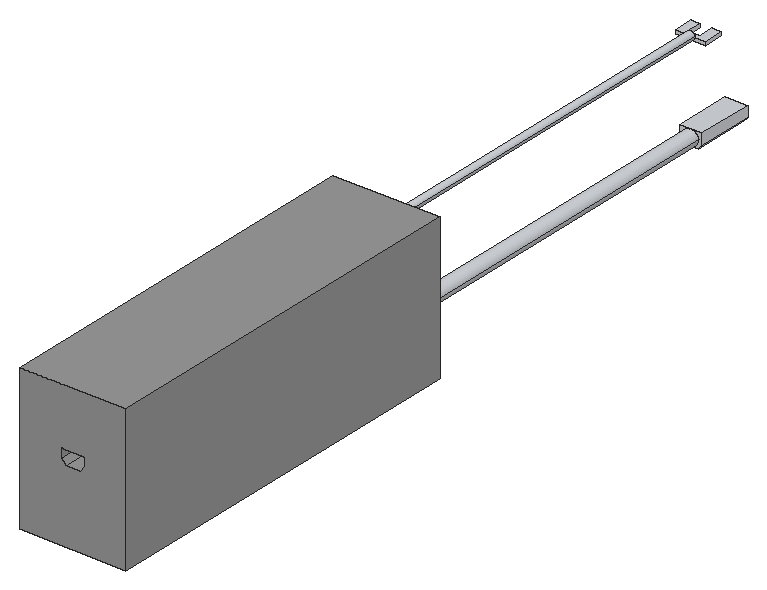
Revit family "Basisschutz für 4-adrige informationstechnische Systeme mit RJ45", category Generic Models, Revit 2015
Parameters (values of type "RJ45 S-E100 4-F")
  Width = 28 mm
  URL = "http://www.obo-bettermann.com"
  Material = Aluminum
  Manufacturer Art.No. = "5081005"
  Manufacturer = "OBO Bettermann"
  Length 1 = 218 mm
  Length = 103 mm
  Height = 38 mm
  GTIN = "4012196415762"
  Article Type = "RJ45 S-E100 4-F"
Types (4, lengths in mm): name | Manufacturer Art.No. | GTIN | Article Type
  (no name) | "5081005" | "4012196415762" | "RJ45 S-E100 4-F"
  RJ45 S-E100 4-B | "5081001" | "4012196415748" | "RJ45 S-E100 4-B"
  RJ45 S-E100 4-C | "5081003" | "4012196415755" | "RJ45 S-E100 4-C"
  RJ45 S-E100 4-F | "5081005" | "4012196415762" | "RJ45 S-E100 4-F"
Reference planes
  plane 1 "Center (Front/Back)": y = 0
  plane 2: z = 0
  plane 3 "Center (Left/Right)": x = 0
  plane 4: y = 103
  plane 5: y = 218
  plane 6: y = 15
  plane 7: y = 203
  plane 8: z = 31
  plane 9: z = 32
Forms (mm)
  Extrusion 1, solid, material "Aluminum" <- "Material"
    sketch origin (0, 0, 0) x (1, 0, 0) y (0, 0, 1)
      loop
        line (-14, 0) -> (14, 0) -> (14, 38) -> (-14, 38) -> (-14, 0)
    from 0 to -103
  Extrusion 2, void
    sketch origin (0, 0, 0) x (1, 0, 0) y (0, 0, 1)
      loop
        line (-3, 23) -> (-3, 20.555) -> (-2, 19) -> (2, 19) -> (3, 20.555) -> (3, 23) -> (-3, 23)
    from -15 to 0
  Extrusion 3, solid
    sketch origin (0, 0, 0) x (1, 0, 0) y (0, 0, 1)
      loop
        circle (0, 8) r 2
    from -203 to -103
  Extrusion 4, solid
    sketch origin (0, 0, 0) x (1, 0, 0) y (0, 0, 1)
      loop
        line (3, 9.998) -> (-3, 9.998) -> (-3, 7.081) -> (-2.012, 5.998) -> (2.026, 5.998) -> (3, 7.081) -> (3, 9.998)
    from -218 to -203
  Extrusion 5, solid
    sketch origin (0, 0, 0) x (1, 0, 0) y (0, 0, 1)
      loop
        circle (0, 31.995) r 1
    from -203 to -103
  Extrusion 6, solid
    sketch origin (0, 0, 0) x (1, 0, 0) y (0, 1, 0)
      loop
        line (4, 203) -> (4, 208) -> (1.5, 208) -> (1.5, 204) -> (-1.5, 204) -> (-1.5, 208) -> (-4, 208) -> (-4, 203) -> (4, 203)
    from 31 to 32
Cuts and joins
  Extrusion 2 cuts Extrusion 1
Dimensions and locks
  "Height": Extrusion 1 sketch curve to Extrusion 1 sketch curve
  "Width": Extrusion 1 sketch curve to Extrusion 1 sketch curve
  equal spacing: Extrusion 1 sketch curve, plane 3 "Center (Left/Right)", Extrusion 1 sketch curve, locked at 14 each
  "Length": plane 1 "Center (Front/Back)" to plane 4
  "Length 1": plane 5 to plane 1 "Center (Front/Back)"
  locked: Extrusion 2 sketch curve to Extrusion 2 sketch curve at 6
  equal spacing: Extrusion 2 sketch curve, plane 3 "Center (Left/Right)", Extrusion 2 sketch curve, locked at 3 each
  locked: Extrusion 2 sketch curve to Extrusion 2 sketch curve at 4  (x2)
  equal spacing: Extrusion 2 sketch curve, plane 3 "Center (Left/Right)", Extrusion 2 sketch curve, locked at 2 each
  locked: Extrusion 1 to Extrusion 2 sketch curve at 15
  locked: plane 6 to plane 1 "Center (Front/Back)" at 15
  locked: cut or joined group of Extrusion 1, Extrusion 2 to Extrusion 3 sketch curve at 8
  locked: plane 5 to plane 7 at 15
  locked: Extrusion 4 sketch curve to Extrusion 4 sketch curve at 6
  equal spacing: Extrusion 4 sketch curve, plane 3 "Center (Left/Right)", Extrusion 4 sketch curve, locked at 3 each
  locked: Extrusion 4 sketch curve to Extrusion 4 sketch curve at 4
  locked: cut or joined group of Extrusion 1, Extrusion 2 to Extrusion 4 sketch curve at 5.998
  locked: Extrusion 5 sketch curve to cut or joined group of Extrusion 1, Extrusion 2 at 6.005
  locked: Extrusion 6 sketch curve to Extrusion 5 at 1
  locked: Extrusion 6 sketch curve to Extrusion 6 sketch curve at 3
  equal spacing: Extrusion 6 sketch curve, plane 3 "Center (Left/Right)", Extrusion 6 sketch curve, locked at 1.5 each
  locked: Extrusion 6 sketch curve to Extrusion 6 sketch curve at 8
  equal spacing: Extrusion 6 sketch curve, plane 3 "Center (Left/Right)", Extrusion 6 sketch curve, locked at 4 each
  locked: Extrusion 6 sketch curve to plane 7 at 5
  locked: plane 8 to level at 31
  locked: plane 8 to plane 9 at 1
  radius of Extrusion 3 sketch curve = 2 mm
  radius of Extrusion 5 sketch curve = 1 mm
  aligned and locked: level to plane 2
  aligned and locked: Extrusion 1 sketch curve to level
  aligned and locked: plane 1 "Center (Front/Back)" to Extrusion 1
  aligned and locked: plane 4 to Extrusion 1
  aligned and locked: plane 1 "Center (Front/Back)" to Extrusion 2
  aligned and locked: Extrusion 2 to plane 6
  aligned and locked: plane 7 to Extrusion 3
  aligned and locked: Extrusion 3 to plane 4
  aligned and locked: plane 5 to Extrusion 4
  aligned and locked: Extrusion 4 to Extrusion 3
  aligned and locked: Extrusion 3 to Extrusion 5
  aligned and locked: Extrusion 5 to plane 4
  aligned and locked: plane 7 to Extrusion 6 sketch curve
  aligned and locked: plane 8 to Extrusion 6
  aligned and locked: Extrusion 6 sketch curve to Extrusion 6 sketch curve
Automatic sketch dimensions
  Extrusion 2 sketch curve to Extrusion 2 sketch curve = 1.555 mm  (x2)
  Extrusion 3 sketch curve to plane 3 "Center (Left/Right)" = 0 mm
  Extrusion 4 sketch curve to Extrusion 4 sketch curve = 0.974 mm
  Extrusion 4 sketch curve to Extrusion 4 sketch curve = 0.988 mm
  Extrusion 4 sketch curve to Extrusion 4 sketch curve = 1.083 mm  (x2)
  Extrusion 5 sketch curve to plane 3 "Center (Left/Right)" = 0 mm
